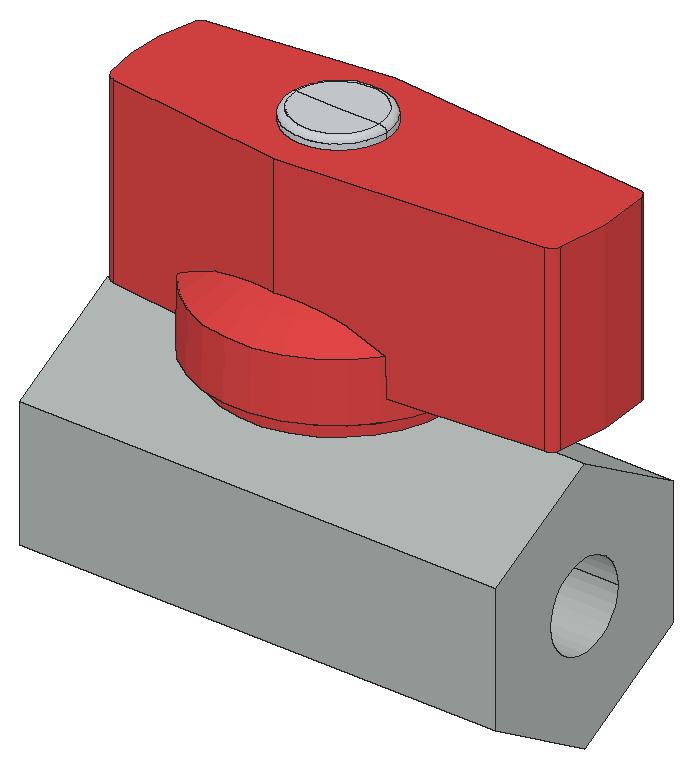
Revit family "QL10010000", category Apparecchi idraulici, Revit 2020
Family settings
  Quota connettore circolare = Usa diametro
  Tipo di parte = Normale
  Numero OmniClass = 23.45.00.00
  Titolo OmniClass = Sanitary, Laundry, and Cleaning Equipment
  Basato su piano di lavoro = No
  Sempre verticale = Sì
  Taglio con vuoti quando caricato = No
  Condiviso = No
  Punto di calcolo locali = No
Parameters
  URL = "https://web.cimberio.com/index.php/figura/959?subcategoria_id=47"
  Temperatura di esercizio = "-20 ÷ 95°C"
  Prospetto di default = 0 mm
  Produttore = "CIMBERIO SPA"
  Pressione nominale = "PN 150"
  Modello = "Cim 011RS"
  Materiale = "Prodotto in lega di ottone conforme alla norma EN 12165-CW617N-DW"
  Descrizione = "Realizzato in ottemperanza ai requisiti gestionali della norma EN ISO 9001.\r\nUtilizzato per la regolazione della temperatura degli ambienti e comandare apparecchi degli impianti di riscaldamento e condizionamento."
  DN Model [instance] = QL10011008 : QL10011008
  DN [instance] = 8 mm
  Commenti sul tipo = "Utilizzato nei più svariati settori dell'impiantistica: impianti di riscaldamento, condizionamento, idrici, igienico-sanitari, aria compressa e in generale con ogni fluido non corrosivo"
Reference planes
  plane 1 "Centro (Fronte/Retro)": y = 0
  plane 2: z = 0
  plane 3 "Centro (Sinistra/Destra)": x = 0
Dimensions and locks
  aligned and locked: level to plane 2
Nested families
  nested 1: "QL10011008" at (0, 0, 0), type <- "DN Model", type "QL10011008"
    with DN Model none, DN 15 mm
  nested 2: "QL10011008" at (0, 0, 0), type <- "DN Model", type "QL10011008"
  nested 3: "QL10011008" at (0, 0, 0), type <- "DN Model", type "QL10011008"
Connectors
  piping at (23, 0, 11.9), diameter 8, driven by "DN"
    settings: on nested 1, index 1, connector inside diameter 609.6 mm, connector length 0 mm, flow factor 0, pipe flow 0.0 L/s, pressure drop 0.0 Pa, fitting loss kfactor 0, connector angle 0.00°, fixture units 0, engagement length 0 mm, angle of deflection 0.00°, flow configuration 0, flow direction 0, fitting loss method 0, system type 7, joint type 0, gender type 0, connector reference index -1, connector utility 0, adjustable connector no, is connector primary yes, connector description ""
  piping at (-21.5, 0, 11.9), diameter 8, driven by "DN"
    settings: on nested 1, index 2, connector inside diameter 609.6 mm, connector length 0 mm, flow factor 0, pipe flow 0.0 L/s, pressure drop 0.0 Pa, fitting loss kfactor 0, connector angle 0.00°, fixture units 0, engagement length 0 mm, angle of deflection 0.00°, flow configuration 0, flow direction 0, fitting loss method 0, system type 7, joint type 0, gender type 0, connector reference index -1, connector utility 0, adjustable connector no, is connector primary no, connector description ""
Definition of nested family "QL10011008"
  Parameters (values of type "QL10011008")
    URL = "https://web.cimberio.com/index.php/figura/1418?subcategoria_id="
    Temperatura di esercizio = "-10 ÷ 110°C"
    Default Elevation = 0 mm
    Manufacturer = "CIMBERIO SPA"
    Pressione nominale = "PN 10"
    Model = "Cim 150VIC"
    Materiale = "Prodotto in lega di ottone conforme alla norma EN 12165-CW617N-DW"
    Description = "Utilizzato nei più svariati settori dell'impiantistica: impianti di riscaldamento, condizionamento, idrici, igienico-sanitari e in generale con ogni fluido non corrosivo"
    DN Model [instance] = HG00081015 : HG00081015
    DN [instance] = 15 mm
    Type Comments = "Realizzato in ottemperanza ai requisiti gestionali della norma EN ISO 9001.\r\nCollaudato al 100% secondo la normativa EN 12266-1"
  Reference planes
    plane 1 "Centro (Fronte/Retro)": y = 0
    plane 2: z = 0
    plane 3 "Centro (Sinistra/Destra)": x = 0
  Forms (mm)
    Extrusion 1, solid
      sketch origin (0, 0, 14) x (0, 1, 0) y (0, 0, 1)
        loop
          circle (0, -2.1) r 4
        loop
          line (0, 9.8) -> (-10.306, 3.85) -> (-10.306, -8.05) -> (0, -14) -> (10.306, -8.05) -> (10.306, 3.85) -> (0, 9.8)
      from -21.5 to 23
    Revolve 2, solid
      sketch origin (1.75, 0, -3.558) x (1, 0, 0) y (0, 0, 1)
        loop
          line (-13.65, 29.166) -> (-12.15, 28.3) -> (-12.055, 27.3) -> (-1.75, 27.3) -> (-1.75, 38.235)
          arc (-1.75, 38.235) -> (-7.968, 37.443) -> (-13.555, 34.603) r 18.326
          line (-13.555, 34.603) -> (-13.65, 29.166)
        axis (-1.75, 27.3) -> (-1.75, 38.235)
      angle from 0 to 360
    Revolve 3, solid
      sketch origin (1.75, 0, -3.558) x (1, 0, 0) y (0, 0, 1)
        loop
          line (-6.25, 48.586) -> (-6.25, 47.06) -> (-1.75, 47.06) -> (-1.75, 49.1) -> (-5.644, 49.1)
          arc (-5.644, 49.1) -> (-6.041, 48.954) -> (-6.25, 48.586) r 0.614
        axis (-1.75, 49.1) -> (-1.75, 47.06)
      angle from 0 to 360
    Extrusion 4, solid
      sketch origin (0, 0, -3.558) x (1, 0, 0) y (0, 1, 0)
        loop
          line (-0.625, 7.424) -> (-16.512, 5.5)
          arc (-16.512, 5.5) -> (-17.045, 5.265) -> (-17.356, 4.772) r 1
          arc (-17.356, 4.772) -> (-18, -0.042) -> (-17.334, -4.852) r 18
          arc (-17.334, -4.852) -> (-17.02, -5.343) -> (-16.487, -5.576) r 1
          line (-16.487, -5.576) -> (0, -7.5) -> (23.658, -5.5)
          arc (23.658, -5.5) -> (24.243, -5.247) -> (24.556, -4.691) r 1
          arc (24.556, -4.691) -> (25, 0) -> (24.556, 4.691) r 25
          arc (24.556, 4.691) -> (24.243, 5.247) -> (23.658, 5.5) r 1
          line (23.658, 5.5) -> (-0.625, 7.424)
      from 31.1 to 48.1
  Dimensions and locks
    aligned and locked: level to plane 2
    aligned and locked: Extrusion 1 to import instance  (x2)
